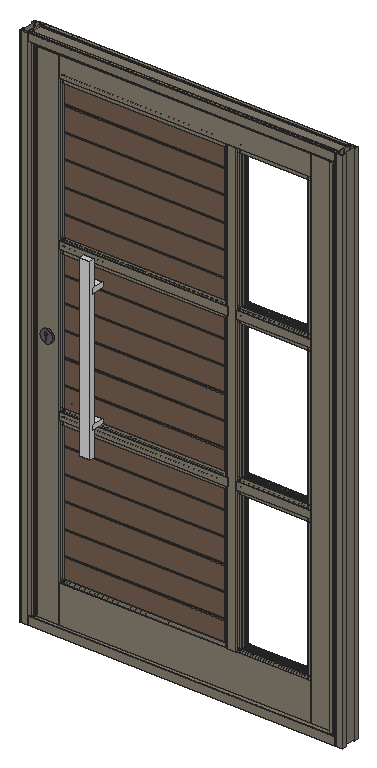
Revit family "Y1321P Y6 BZ K RH", category Doors, host Wall, Revit 2024
Family settings
  Host = Wall
  OmniClass Number = 23.30.10.00
  OmniClass Title = Doors
  Always vertical = Yes
  Cut with Voids When Loaded = No
  Shared = No
  Room Calculation Point = No
Parameters
  Function = Interior
  Frame Projection Ext. = 25 mm
  Frame Projection Int. = 25 mm
  Frame Width = 75 mm
  Height = 2120 mm
  Wall Closure = By host
  Width = 1290 mm
  Analytic Construction = "<None>"
Reference planes
  plane 1: y = 0
  plane 2 "Center (Left/Right)": x = 0
  plane 3 "Left": x = -645
  plane 4 "Right": x = 645
  plane 5: z = 2120
  plane 6 "Exterior": y = 75
  plane 7 "Interior": y = -75
Forms (mm)
  Sweep 1, solid, material "BRONZE ALUMINIUM MANUAL"
    path origin (0, 75, 0) x (1, 0, 0) y (0, 0, 1)
      loop
        line (-601.2, 30) -> (-601.2, 2075) -> (600, 2075) -> (600, 30)
    profile origin (-0.6, 75, 2075) x (0, 0, 1) y (0, -1, 0)
      loop
        line (15, 55) -> (2.8, 55) -> (2.8, 61.5) -> (0.5, 61.5) -> (0.5, 88.5) -> (2.8, 88.5) -> (2.8, 95) -> (15, 95) -> (15, 97) -> (-0.5, 97)
        arc (-0.5, 97) -> (-1.207, 96.707) -> (-1.5, 96) r 1
        line (-1.5, 96) -> (-1.5, 93.9) -> (-0.5, 93.9) -> (-0.5, 95) -> (1, 95) -> (1, 90.5) -> (-0.5, 90.5) -> (-0.5, 91.631) -> (-1.5, 91.631) -> (-1.5, 58.369) -> (-0.5, 58.369) -> (-0.5, 59.5) -> (1, 59.5) -> (1, 55) -> (-0.5, 55) -> (-0.5, 56.1) -> (-1.5, 56.1) -> (-1.5, 54)
        arc (-1.5, 54) -> (-1.207, 53.293) -> (-0.5, 53) r 1
        line (-0.5, 53) -> (15, 53) -> (15, 55)
  Extrusion 2, solid, material "BRONZE ALUMINIUM MANUAL"
    sketch origin (0, 0, 0) x (0, 1, 0) y (0, 0, 1)
      loop
        line (37.5, 2120) -> (22, 2120) -> (22, 2118.5) -> (24.5, 2118.5) -> (24.5, 2115.5) -> (-24.5, 2115.5) -> (-24.5, 2118.5) -> (-22, 2118.5) -> (-22, 2120) -> (-37.5, 2120) -> (-37.5, 2090) -> (-4.189, 2090) -> (7.651, 2090) -> (37.5, 2090) -> (37.5, 2120)
      loop
        line (32.168, 2118.2) -> (30.896, 2116.928) -> (29.5, 2118.324) -> (28, 2116.824) -> (26.3, 2118.524) -> (26.3, 2115.8)
        arc (26.3, 2115.8) -> (25.685, 2114.315) -> (24.2, 2113.7) r 2.1
        line (24.2, 2113.7) -> (-24.2, 2113.7)
        arc (-24.2, 2113.7) -> (-25.685, 2114.315) -> (-26.3, 2115.8) r 2.1
        line (-26.3, 2115.8) -> (-26.3, 2118.524) -> (-28, 2116.824) -> (-29.5, 2118.324) -> (-30.896, 2116.928) -> (-32.168, 2118.2) -> (-35.6, 2118.2) -> (-35.6, 2091.8) -> (-32.168, 2091.8) -> (-30.896, 2093.072) -> (-29.5, 2091.676) -> (-28, 2093.176) -> (-26.624, 2091.8) -> (-19.438, 2091.8) -> (26.624, 2091.8) -> (28, 2093.176) -> (29.5, 2091.676) -> (30.896, 2093.072) -> (32.168, 2091.8) -> (35.6, 2091.8) -> (35.6, 2118.2) -> (32.168, 2118.2)
      loop
        line (37.5, 0) -> (37.5, 30) -> (7.651, 30) -> (-4.189, 30) -> (-37.5, 30) -> (-37.5, 0) -> (-22, 0) -> (-22, 1.5) -> (-24.5, 1.5) -> (-24.5, 4.5) -> (24.5, 4.5) -> (24.5, 1.5) -> (22, 1.5) -> (22, 0) -> (37.5, 0)
      loop
        line (32.168, 1.8) -> (35.6, 1.8) -> (35.6, 28.2) -> (32.168, 28.2) -> (30.896, 26.928) -> (29.5, 28.324) -> (28, 26.824) -> (26.624, 28.2) -> (-19.438, 28.2) -> (-26.624, 28.2) -> (-28, 26.824) -> (-29.5, 28.324) -> (-30.896, 26.928) -> (-32.168, 28.2) -> (-35.6, 28.2) -> (-35.6, 1.8) -> (-32.168, 1.8) -> (-30.896, 3.072) -> (-29.5, 1.676) -> (-28, 3.176) -> (-26.3, 1.476) -> (-26.3, 4.2)
        arc (-26.3, 4.2) -> (-25.685, 5.685) -> (-24.2, 6.3) r 2.1
        line (-24.2, 6.3) -> (24.2, 6.3)
        arc (24.2, 6.3) -> (25.685, 5.685) -> (26.3, 4.2) r 2.1
        line (26.3, 4.2) -> (26.3, 1.476) -> (28, 3.176) -> (29.5, 1.676) -> (30.896, 3.072) -> (32.168, 1.8)
    from -615 to 615
  Extrusion 3, solid, material "BRONZE ALUMINIUM MANUAL"
    sketch origin (0, 0, 30) x (1, 0, 0) y (0, 1, 0)
      loop
        arc (598.5, 21) -> (597.5, 22) -> (596.5, 21) r 1
        line (596.5, 21) -> (596.5, -21.179)
        arc (596.5, -21.179) -> (596.26, -21.76) -> (595.679, -22) r 0.821
        line (595.679, -22) -> (584.5, -22)
        arc (584.5, -22) -> (583.5, -23) -> (584.5, -24) r 1
        line (584.5, -24) -> (597.679, -24)
        arc (597.679, -24) -> (598.26, -23.76) -> (598.5, -23.179) r 0.821
        line (598.5, -23.179) -> (598.5, 21)
      loop
        arc (-599.7, -21) -> (-598.7, -22) -> (-597.7, -21) r 1
        line (-597.7, -21) -> (-597.7, 21.179)
        arc (-597.7, 21.179) -> (-597.459, 21.76) -> (-596.879, 22) r 0.821
        line (-596.879, 22) -> (-585.7, 22)
        arc (-585.7, 22) -> (-584.7, 23) -> (-585.7, 24) r 1
        line (-585.7, 24) -> (-598.879, 24)
        arc (-598.879, 24) -> (-599.459, 23.76) -> (-599.7, 23.179) r 0.821
        line (-599.7, 23.179) -> (-599.7, -21)
    from 0 to 2043.5
  Extrusion 4, solid, material "BRONZE ALUMINIUM MANUAL"
    sketch origin (0, 0, 0) x (1, 0, 0) y (0, 1, 0)
      loop
        line (-645, 37.5) -> (-645, 22) -> (-643.5, 22) -> (-643.5, 24.5) -> (-640.5, 24.5) -> (-640.5, -24.5) -> (-643.5, -24.5) -> (-643.5, -22) -> (-645, -22) -> (-645, -37.5) -> (-615, -37.5) -> (-615, -17) -> (-615.993, -17) -> (-616.394, -18.496) -> (-617.6, -18.496) -> (-617.6, -0.254) -> (-616.306, -0.254) -> (-616.066, -3) -> (-615, -3) -> (-615, 37.5) -> (-645, 37.5)
      loop
        line (-616.8, 26.624) -> (-618.176, 28) -> (-616.676, 29.5) -> (-618.072, 30.896) -> (-616.8, 32.168) -> (-616.8, 35.6) -> (-643.2, 35.6) -> (-643.2, 32.168) -> (-641.928, 30.896) -> (-643.324, 29.5) -> (-641.824, 28) -> (-643.524, 26.3) -> (-640.8, 26.3)
        arc (-640.8, 26.3) -> (-639.315, 25.685) -> (-638.7, 24.2) r 2.1
        line (-638.7, 24.2) -> (-638.7, -24.2)
        arc (-638.7, -24.2) -> (-639.315, -25.685) -> (-640.8, -26.3) r 2.1
        line (-640.8, -26.3) -> (-643.524, -26.3) -> (-641.824, -28) -> (-643.324, -29.5) -> (-641.928, -30.896) -> (-643.2, -32.168) -> (-643.2, -35.6) -> (-616.8, -35.6) -> (-616.8, -32.168) -> (-618.072, -30.896) -> (-616.676, -29.5) -> (-618.176, -28) -> (-616.8, -26.624) -> (-616.8, -20.239)
        arc (-616.8, -20.239) -> (-618.596, -19.852) -> (-619.4, -18.2) r 2.1
        line (-619.4, -18.2) -> (-619.4, -0.55)
        arc (-619.4, -0.55) -> (-618.596, 1.102) -> (-616.8, 1.49) r 2.1
        line (-616.8, 1.49) -> (-616.8, 26.624)
      loop
        line (645, 37.5) -> (615, 37.5) -> (615, -3) -> (616.066, -3) -> (616.306, -0.254) -> (617.6, -0.254) -> (617.6, -18.496) -> (616.394, -18.496) -> (615.993, -17) -> (615, -17) -> (615, -37.5) -> (645, -37.5) -> (645, -22) -> (643.5, -22) -> (643.5, -24.5) -> (640.5, -24.5) -> (640.5, 24.5) -> (643.5, 24.5) -> (643.5, 22) -> (645, 22) -> (645, 37.5)
      loop
        line (616.8, 26.624) -> (616.8, 1.49)
        arc (616.8, 1.49) -> (618.596, 1.102) -> (619.4, -0.55) r 2.1
        line (619.4, -0.55) -> (619.4, -18.2)
        arc (619.4, -18.2) -> (618.596, -19.852) -> (616.8, -20.239) r 2.1
        line (616.8, -20.239) -> (616.8, -26.624) -> (618.176, -28) -> (616.676, -29.5) -> (618.072, -30.896) -> (616.8, -32.168) -> (616.8, -35.6) -> (643.2, -35.6) -> (643.2, -32.168) -> (641.928, -30.896) -> (643.324, -29.5) -> (641.824, -28) -> (643.524, -26.3) -> (640.8, -26.3)
        arc (640.8, -26.3) -> (639.315, -25.685) -> (638.7, -24.2) r 2.1
        line (638.7, -24.2) -> (638.7, 24.2)
        arc (638.7, 24.2) -> (639.315, 25.685) -> (640.8, 26.3) r 2.1
        line (640.8, 26.3) -> (643.524, 26.3) -> (641.824, 28) -> (643.324, 29.5) -> (641.928, 30.896) -> (643.2, 32.168) -> (643.2, 35.6) -> (616.8, 35.6) -> (616.8, 32.168) -> (618.072, 30.896) -> (616.676, 29.5) -> (618.176, 28) -> (616.8, 26.624)
    from 0 to 2120
  Extrusion 5, solid, material "BRONZE ALUMINIUM MANUAL"
    sketch origin (0, 0, -6.5) x (-1, 0, 0) y (0, -1, 0)
      loop
        line (503.5, -22) -> (591.7, -22)
        arc (591.7, -22) -> (592.973, -21.473) -> (593.5, -20.2) r 1.8
        line (593.5, -20.2) -> (593.5, -19.4)
        arc (593.5, -19.4) -> (593, -18.9) -> (592.5, -19.4) r 0.5
        line (592.5, -19.4) -> (592.5, -20.4) -> (591, -20.4) -> (591, -12.8) -> (592.5, -12.8) -> (592.5, -13.8)
        arc (592.5, -13.8) -> (593, -14.3) -> (593.5, -13.8) r 0.5
        line (593.5, -13.8) -> (593.5, 13.8)
        arc (593.5, 13.8) -> (593, 14.3) -> (592.5, 13.8) r 0.5
        line (592.5, 13.8) -> (592.5, 12.8) -> (591, 12.8) -> (591, 20.4) -> (592.5, 20.4) -> (592.5, 19.4)
        arc (592.5, 19.4) -> (593, 18.9) -> (593.5, 19.4) r 0.5
        line (593.5, 19.4) -> (593.5, 20.2)
        arc (593.5, 20.2) -> (592.973, 21.473) -> (591.7, 22) r 1.8
        line (591.7, 22) -> (503.5, 22) -> (503.5, 17) -> (488.5, 17) -> (488.5, 14) -> (489.7, 14) -> (489.7, 15.6) -> (492.2, 15.6) -> (492.893, 15.2) -> (503.5, 15.2) -> (503.5, 2) -> (504.475, 2) -> (504.737, 5) -> (506.1, 5) -> (506.1, -6.618) -> (506.1, -13.5) -> (504.606, -13.5) -> (504.475, -12) -> (503.5, -12) -> (503.5, -22)
      loop
        line (589.2, -20.2) -> (589.2, -12.2)
        arc (589.2, -12.2) -> (589.493, -11.493) -> (590.2, -11.2) r 1
        line (590.2, -11.2) -> (591.5, -11.2) -> (591.5, 11.2) -> (590.2, 11.2)
        arc (590.2, 11.2) -> (589.493, 11.493) -> (589.2, 12.2) r 1
        line (589.2, 12.2) -> (589.2, 20.2) -> (505.3, 20.2) -> (505.3, 17.092) -> (505.3, 6.8) -> (506.5, 6.8)
        arc (506.5, 6.8) -> (507.49, 6.39) -> (507.9, 5.4) r 1.4
        line (507.9, 5.4) -> (507.9, -13.9)
        arc (507.9, -13.9) -> (507.49, -14.89) -> (506.5, -15.3) r 1.4
        line (506.5, -15.3) -> (505.3, -15.3) -> (505.3, -20.2) -> (589.2, -20.2)
      loop
        line (-503.5, -22) -> (-503.5, -12) -> (-504.475, -12) -> (-504.606, -13.5) -> (-506.1, -13.5) -> (-506.1, -7.077) -> (-506.1, 5) -> (-504.737, 5) -> (-504.475, 2) -> (-503.5, 2) -> (-503.5, 15.2) -> (-492.893, 15.2) -> (-492.2, 15.6) -> (-489.7, 15.6) -> (-489.7, 14) -> (-488.5, 14) -> (-488.5, 17) -> (-503.5, 17) -> (-503.5, 22) -> (-591.7, 22)
        arc (-591.7, 22) -> (-592.973, 21.473) -> (-593.5, 20.2) r 1.8
        line (-593.5, 20.2) -> (-593.5, 19.4)
        arc (-593.5, 19.4) -> (-593, 18.9) -> (-592.5, 19.4) r 0.5
        line (-592.5, 19.4) -> (-592.5, 20.4) -> (-591, 20.4) -> (-591, 12.8) -> (-592.5, 12.8) -> (-592.5, 13.8)
        arc (-592.5, 13.8) -> (-593, 14.3) -> (-593.5, 13.8) r 0.5
        line (-593.5, 13.8) -> (-593.5, -13.8)
        arc (-593.5, -13.8) -> (-593, -14.3) -> (-592.5, -13.8) r 0.5
        line (-592.5, -13.8) -> (-592.5, -12.8) -> (-591, -12.8) -> (-591, -20.4) -> (-592.5, -20.4) -> (-592.5, -19.4)
        arc (-592.5, -19.4) -> (-593, -18.9) -> (-593.5, -19.4) r 0.5
        line (-593.5, -19.4) -> (-593.5, -20.2)
        arc (-593.5, -20.2) -> (-592.973, -21.473) -> (-591.7, -22) r 1.8
        line (-591.7, -22) -> (-503.5, -22)
      loop
        line (-589.2, -20.2) -> (-505.3, -20.2) -> (-505.3, -15.3) -> (-506.5, -15.3)
        arc (-506.5, -15.3) -> (-507.49, -14.89) -> (-507.9, -13.9) r 1.4
        line (-507.9, -13.9) -> (-507.9, 5.4)
        arc (-507.9, 5.4) -> (-507.49, 6.39) -> (-506.5, 6.8) r 1.4
        line (-506.5, 6.8) -> (-505.3, 6.8) -> (-505.3, 17.092) -> (-505.3, 20.2) -> (-589.2, 20.2) -> (-589.2, 12.2)
        arc (-589.2, 12.2) -> (-589.493, 11.493) -> (-590.2, 11.2) r 1
        line (-590.2, 11.2) -> (-591.5, 11.2) -> (-591.5, -11.2) -> (-590.2, -11.2)
        arc (-590.2, -11.2) -> (-589.493, -11.493) -> (-589.2, -12.2) r 1
        line (-589.2, -12.2) -> (-589.2, -20.2)
    from 40 to 2080
  Sweep 6, solid, material "BRONZE ALUMINIUM MANUAL"
    path origin (0, 75, -6.5) x (-1, 0, 0) y (0, 0, -1)
      loop
        line (503.5, -1996.1) -> (503.5, -1413.6) -> (-173.5, -1413.6) -> (-173.5, -1996.1) -> (503.5, -1996.1)
    profile origin (-165, 75, 1989.6) x (0, 0, 1) y (0, -1, 0)
      loop
        line (0, 53.6) -> (0, 63) -> (1.1, 63)
        arc (1.1, 63) -> (1.85, 62.492) -> (2.6, 63) r 0.808
        line (2.6, 63) -> (2.6, 79)
        arc (2.6, 79) -> (2.1, 79.5) -> (1.6, 79) r 0.5
        line (1.6, 79) -> (1.6, 75.5) -> (0.6, 75.5) -> (0.6, 65) -> (-1.9, 65) -> (-1.9, 55) -> (-6.3, 55) -> (-6.9, 58) -> (-8.9, 58) -> (-8.9, 57) -> (-7.9, 57) -> (-7.5, 55) -> (-11.8, 55) -> (-11.4, 57) -> (-10.4, 57) -> (-10.4, 58) -> (-12.4, 58) -> (-13, 55) -> (-14.4, 55) -> (-14.4, 57.5)
        arc (-14.4, 57.5) -> (-14.9, 58) -> (-15.4, 57.5) r 0.5
        line (-15.4, 57.5) -> (-15.4, 53.6)
        arc (-15.4, 53.6) -> (-15.224, 53.176) -> (-14.8, 53) r 0.6
        line (-14.8, 53) -> (-0.6, 53)
        arc (-0.6, 53) -> (-0.176, 53.176) -> (0, 53.6) r 0.6
  Extrusion 7, solid, material "ALUMINIUM BLACK (TEST)"
    sketch origin (350.722, 27.873, -83.123) x (1, 0, 0) y (0, 0, 1)
      loop
        circle (-896.954, 1135.623) r 25
    from 0 to 5
  Extrusion 8, solid, material "ALUMINIUM BLACK (TEST)"
    sketch origin (350.722, -27.873, -83.123) x (1, 0, 0) y (0, 0, -1)
      loop
        circle (-896.954, -1135.623) r 25
    from 0 to 5
  Extrusion 9, void
    sketch origin (85.5, 67.873, -83.123) x (1, 0, 0) y (0, 0, 1)
      loop
        arc (-634.732, 1122.18) -> (-631.732, 1119.18) -> (-628.732, 1122.18) r 3
        line (-628.732, 1122.18) -> (-628.732, 1136.773)
        arc (-628.732, 1136.773) -> (-631.732, 1150.865) -> (-634.732, 1136.773) r 7.365
        line (-634.732, 1136.773) -> (-634.732, 1122.18)
    from 40 to 45
  Extrusion 10, void
    sketch origin (85.5, -67.873, -83.123) x (1, 0, 0) y (0, 0, -1)
      loop
        line (-634.732, -1122.18) -> (-634.732, -1136.773)
        arc (-634.732, -1136.773) -> (-631.732, -1150.865) -> (-628.732, -1136.773) r 7.365
        line (-628.732, -1136.773) -> (-628.732, -1122.18)
        arc (-628.732, -1122.18) -> (-631.732, -1119.18) -> (-634.732, -1122.18) r 3
    from 40 to 45
  Extrusion 11, solid, material "COOL BRONZE GLASS"
    sketch origin (0, 9.8, -6.5) x (-1, 0, 0) y (0, 0, -1)
      loop
        line (-203.5, -1995) -> (-203.5, -1413.6) -> (-503.5, -1413.6) -> (-503.5, -1995) -> (-203.5, -1995)
    from 0 to 6.4
  Extrusion 12, solid, material "BRONZE ALUMINIUM MANUAL"
    sketch origin (0, 0, -6.5) x (0, 1, 0) y (0, 0, -1)
      loop
        line (20.25, -77.453) -> (19.7, -76.5) -> (19.7, -73.5) -> (20.25, -72.547) -> (20.25, -61.8) -> (-20.25, -61.8) -> (-20.25, -72.547) -> (-19.7, -73.5) -> (-19.7, -76.5) -> (-20.25, -77.453) -> (-20.25, -172.747) -> (-19.7, -173.7) -> (-19.7, -176.7) -> (-20.25, -177.653) -> (-20.25, -188.2) -> (-6.55, -188.2) -> (-6.55, -185.6) -> (15.3, -185.6) -> (15.3, -188.2) -> (20.25, -188.2) -> (20.25, -177.653) -> (19.7, -176.7) -> (19.7, -173.7) -> (20.25, -172.747) -> (20.25, -77.453)
      loop
        line (19.7, -60) -> (-19.7, -60) -> (-19.7, -57) -> (-20.25, -56.047) -> (-20.25, -43.6) -> (-17.1, -43.6) -> (-17.1, -42) -> (-20.2, -42) -> (-20.2, -40) -> (-22, -40) -> (-22, -190) -> (-17, -190) -> (-17, -205) -> (-14, -205) -> (-14, -203.8) -> (-15.6, -203.8) -> (-15.6, -201.3) -> (-15.2, -200.607) -> (-15.2, -190) -> (-2, -190) -> (-2, -188.934) -> (-4.75, -188.693) -> (-4.75, -187.4) -> (13.5, -187.4) -> (13.5, -188.605) -> (12, -189.007) -> (12, -190) -> (22, -190) -> (22, -40) -> (20.2, -40) -> (20.2, -42) -> (17.1, -42) -> (17.1, -43.6) -> (20.25, -43.6) -> (20.25, -56.047) -> (19.7, -57) -> (19.7, -60)
      loop
        line (-22, -2080) -> (-20.2, -2080) -> (-20.2, -2078) -> (-17.1, -2078) -> (-17.1, -2076.4) -> (-20.25, -2076.4) -> (-20.25, -2063.953) -> (-19.7, -2063) -> (-19.7, -2060) -> (19.7, -2060) -> (19.7, -2063) -> (20.25, -2063.953) -> (20.25, -2076.4) -> (17.1, -2076.4) -> (17.1, -2078) -> (20.2, -2078) -> (20.2, -2080) -> (22, -2080) -> (22, -1995) -> (12, -1995) -> (12, -1995.993) -> (13.5, -1996.395) -> (13.5, -1997.6) -> (-4.75, -1997.6) -> (-4.75, -1996.307) -> (-2, -1996.066) -> (-2, -1995) -> (-15.2, -1995) -> (-15.2, -1984.393) -> (-15.6, -1983.7) -> (-15.6, -1981.2) -> (-14, -1981.2) -> (-14, -1980) -> (-17, -1980) -> (-17, -1995) -> (-22, -1995) -> (-22, -2080)
      loop
        line (-20.25, -2042.547) -> (-19.7, -2043.5) -> (-19.7, -2046.5) -> (-20.25, -2047.453) -> (-20.25, -2058.2) -> (20.25, -2058.2) -> (20.25, -2047.453) -> (19.7, -2046.5) -> (19.7, -2043.5) -> (20.25, -2042.547) -> (20.25, -2012.253) -> (19.7, -2011.3) -> (19.7, -2008.3) -> (20.25, -2007.347) -> (20.25, -1996.8) -> (15.3, -1996.8) -> (15.3, -1999.4) -> (-6.55, -1999.4) -> (-6.55, -1996.8) -> (-20.25, -1996.8) -> (-20.25, -2007.347) -> (-19.7, -2008.3) -> (-19.7, -2011.3) -> (-20.25, -2012.253) -> (-20.25, -2042.547)
    from -503.5 to 503.5
  Extrusion 13, solid, material "Stainless Steel Lever Handle"
    sketch origin (503.242, -71.398, 705) x (1, 0, 0) y (0, 1, 0)
      loop
        line (-878.538, 126.398) -> (-838.538, 126.398) -> (-838.538, 146.398) -> (-878.538, 146.398) -> (-878.538, 126.398)
    from 0 to 710
  Extrusion 14, solid, material "Stainless Steel Lever Handle"
    sketch origin (503.242, 60, -375) x (1, 0, 0) y (0, 0, 1)
      loop
        line (-878.538, 1690) -> (-878.538, 1670) -> (-838.538, 1670) -> (-838.538, 1690) -> (-878.538, 1690)
      loop
        line (-878.538, 1180) -> (-838.538, 1180) -> (-838.538, 1200) -> (-878.538, 1200) -> (-878.538, 1180)
    from 0 to 50
  Extrusion 15, solid, material "Stainless Steel Lever Handle"
    sketch origin (503.242, 69.398, 705) x (1, 0, 0) y (0, 1, 0)
      loop
        line (-878.538, -126.398) -> (-878.538, -146.398) -> (-838.538, -146.398) -> (-838.538, -126.398) -> (-878.538, -126.398)
    from 0 to 710
  Extrusion 16, solid, material "Stainless Steel Lever Handle"
    sketch origin (503.242, -62, -375) x (1, 0, 0) y (0, 0, -1)
      loop
        line (-878.538, -1690) -> (-838.538, -1690) -> (-838.538, -1670) -> (-878.538, -1670) -> (-878.538, -1690)
      loop
        line (-878.538, -1180) -> (-878.538, -1200) -> (-838.538, -1200) -> (-838.538, -1180) -> (-878.538, -1180)
    from 0 to 50
  Extrusion 17, solid, material "BRONZE ALUMINIUM MANUAL"
    sketch origin (-3062.501, 0, -4084.533) x (0, -1, 0) y (0, 0, 1)
      loop
        line (22, 5461.633) -> (22, 5491.633) -> (17, 5491.633) -> (17, 5506.633) -> (14, 5506.633) -> (14, 5505.433) -> (15.6, 5505.433) -> (15.6, 5502.933) -> (15.2, 5502.241) -> (15.2, 5491.633) -> (2, 5491.633) -> (2, 5490.658) -> (5, 5490.396) -> (5, 5489.033) -> (-13.5, 5489.033) -> (-13.5, 5490.527) -> (-12, 5490.658) -> (-12, 5491.633) -> (-22, 5491.633) -> (-22, 5461.633) -> (-12, 5461.633) -> (-12, 5462.608) -> (-13.5, 5462.739) -> (-13.5, 5464.233) -> (5, 5464.233) -> (5, 5462.871) -> (2, 5462.608) -> (2, 5461.633) -> (15.2, 5461.633) -> (15.2, 5450.733) -> (15.6, 5450.041) -> (15.6, 5447.833) -> (14, 5447.833) -> (14, 5446.633) -> (17, 5446.633) -> (17, 5461.633) -> (22, 5461.633)
      loop
        line (20.2, 5489.833) -> (6.8, 5489.833) -> (6.8, 5488.633)
        arc (6.8, 5488.633) -> (6.39, 5487.643) -> (5.4, 5487.233) r 1.4
        line (5.4, 5487.233) -> (-13.9, 5487.233)
        arc (-13.9, 5487.233) -> (-14.89, 5487.643) -> (-15.3, 5488.633) r 1.4
        line (-15.3, 5488.633) -> (-15.3, 5489.833) -> (-20.2, 5489.833) -> (-20.2, 5463.433) -> (-15.3, 5463.433) -> (-15.3, 5464.633)
        arc (-15.3, 5464.633) -> (-14.89, 5465.623) -> (-13.9, 5466.033) r 1.4
        line (-13.9, 5466.033) -> (5.4, 5466.033)
        arc (5.4, 5466.033) -> (6.39, 5465.623) -> (6.8, 5464.633) r 1.4
        line (6.8, 5464.633) -> (6.8, 5463.433) -> (16.581, 5463.433) -> (20.2, 5463.433) -> (20.2, 5489.833)
      loop
        line (22, 4849.433) -> (22, 4879.433) -> (17, 4879.433) -> (17, 4894.433) -> (14, 4894.433) -> (14, 4893.233) -> (15.6, 4893.233) -> (15.6, 4890.733) -> (15.2, 4890.041) -> (15.2, 4879.433) -> (2, 4879.433) -> (2, 4878.458) -> (5, 4878.196) -> (5, 4876.833) -> (-13.5, 4876.833) -> (-13.5, 4878.327) -> (-12, 4878.458) -> (-12, 4879.433) -> (-22, 4879.433) -> (-22, 4849.433) -> (-12, 4849.433) -> (-12, 4850.408) -> (-13.5, 4850.539) -> (-13.5, 4852.033) -> (5, 4852.033) -> (5, 4850.671) -> (2, 4850.408) -> (2, 4849.433) -> (15.2, 4849.433) -> (15.2, 4838.533) -> (15.6, 4837.841) -> (15.6, 4835.633) -> (14, 4835.633) -> (14, 4834.433) -> (17, 4834.433) -> (17, 4849.433) -> (22, 4849.433)
      loop
        line (20.2, 4877.633) -> (6.8, 4877.633) -> (6.8, 4876.433)
        arc (6.8, 4876.433) -> (6.39, 4875.443) -> (5.4, 4875.033) r 1.4
        line (5.4, 4875.033) -> (-13.9, 4875.033)
        arc (-13.9, 4875.033) -> (-14.89, 4875.443) -> (-15.3, 4876.433) r 1.4
        line (-15.3, 4876.433) -> (-15.3, 4877.633) -> (-20.2, 4877.633) -> (-20.2, 4851.233) -> (-15.3, 4851.233) -> (-15.3, 4852.433)
        arc (-15.3, 4852.433) -> (-14.89, 4853.423) -> (-13.9, 4853.833) r 1.4
        line (-13.9, 4853.833) -> (5.4, 4853.833)
        arc (5.4, 4853.833) -> (6.39, 4853.423) -> (6.8, 4852.433) r 1.4
        line (6.8, 4852.433) -> (6.8, 4851.233) -> (16.581, 4851.233) -> (20.2, 4851.233) -> (20.2, 4877.633)
    from -3566.001 to -3266.001
  Extrusion 18, solid, material "BRONZE ALUMINIUM MANUAL"
    sketch origin (-3392.509, 0, -4084.533) x (0, -1, 0) y (0, 0, 1)
      loop
        line (22, 5461.633) -> (22, 5491.633) -> (17, 5491.633) -> (17, 5506.633) -> (14, 5506.633) -> (14, 5505.433) -> (15.6, 5505.433) -> (15.6, 5502.933) -> (15.2, 5502.241) -> (15.2, 5491.633) -> (2, 5491.633) -> (2, 5490.658) -> (5, 5490.396) -> (5, 5489.033) -> (-13.5, 5489.033) -> (-13.5, 5490.527) -> (-12, 5490.658) -> (-12, 5491.633) -> (-22, 5491.633) -> (-22, 5461.633) -> (-12, 5461.633) -> (-12, 5462.608) -> (-13.5, 5462.739) -> (-13.5, 5464.233) -> (5, 5464.233) -> (5, 5462.871) -> (2, 5462.608) -> (2, 5461.633) -> (15.2, 5461.633) -> (15.2, 5450.733) -> (15.6, 5450.041) -> (15.6, 5447.833) -> (14, 5447.833) -> (14, 5446.633) -> (17, 5446.633) -> (17, 5461.633) -> (22, 5461.633)
      loop
        line (20.2, 5489.833) -> (6.8, 5489.833) -> (6.8, 5488.633)
        arc (6.8, 5488.633) -> (6.39, 5487.643) -> (5.4, 5487.233) r 1.4
        line (5.4, 5487.233) -> (-13.9, 5487.233)
        arc (-13.9, 5487.233) -> (-14.89, 5487.643) -> (-15.3, 5488.633) r 1.4
        line (-15.3, 5488.633) -> (-15.3, 5489.833) -> (-20.2, 5489.833) -> (-20.2, 5463.433) -> (-15.3, 5463.433) -> (-15.3, 5464.633)
        arc (-15.3, 5464.633) -> (-14.89, 5465.623) -> (-13.9, 5466.033) r 1.4
        line (-13.9, 5466.033) -> (5.4, 5466.033)
        arc (5.4, 5466.033) -> (6.39, 5465.623) -> (6.8, 5464.633) r 1.4
        line (6.8, 5464.633) -> (6.8, 5463.433) -> (16.581, 5463.433) -> (20.2, 5463.433) -> (20.2, 5489.833)
      loop
        line (22, 4849.433) -> (22, 4879.433) -> (17, 4879.433) -> (17, 4894.433) -> (14, 4894.433) -> (14, 4893.233) -> (15.6, 4893.233) -> (15.6, 4890.733) -> (15.2, 4890.041) -> (15.2, 4879.433) -> (2, 4879.433) -> (2, 4878.458) -> (5, 4878.196) -> (5, 4876.833) -> (-13.5, 4876.833) -> (-13.5, 4878.327) -> (-12, 4878.458) -> (-12, 4879.433) -> (-22, 4879.433) -> (-22, 4849.433) -> (-12, 4849.433) -> (-12, 4850.408) -> (-13.5, 4850.539) -> (-13.5, 4852.033) -> (5, 4852.033) -> (5, 4850.671) -> (2, 4850.408) -> (2, 4849.433) -> (15.2, 4849.433) -> (15.2, 4838.533) -> (15.6, 4837.841) -> (15.6, 4835.633) -> (14, 4835.633) -> (14, 4834.433) -> (17, 4834.433) -> (17, 4849.433) -> (22, 4849.433)
      loop
        line (20.2, 4877.633) -> (6.8, 4877.633) -> (6.8, 4876.433)
        arc (6.8, 4876.433) -> (6.39, 4875.443) -> (5.4, 4875.033) r 1.4
        line (5.4, 4875.033) -> (-13.9, 4875.033)
        arc (-13.9, 4875.033) -> (-14.89, 4875.443) -> (-15.3, 4876.433) r 1.4
        line (-15.3, 4876.433) -> (-15.3, 4877.633) -> (-20.2, 4877.633) -> (-20.2, 4851.233) -> (-15.3, 4851.233) -> (-15.3, 4852.433)
        arc (-15.3, 4852.433) -> (-14.89, 4853.423) -> (-13.9, 4853.833) r 1.4
        line (-13.9, 4853.833) -> (5.4, 4853.833)
        arc (5.4, 4853.833) -> (6.39, 4853.423) -> (6.8, 4852.433) r 1.4
        line (6.8, 4852.433) -> (6.8, 4851.233) -> (16.581, 4851.233) -> (20.2, 4851.233) -> (20.2, 4877.633)
    from -3566.001 to -2889.009
  Extrusion 19, solid, material "BRONZE ALUMINIUM MANUAL"
    sketch origin (-4903.533, 0, 3177.001) x (0, -1, 0) y (1, 0, 0)
      loop
        line (22, 5077.033) -> (22, 5107.033) -> (17, 5107.033) -> (17, 5122.033) -> (14, 5122.033) -> (14, 5120.833) -> (15.6, 5120.833) -> (15.6, 5118.333) -> (15.2, 5117.641) -> (15.2, 5107.033) -> (2, 5107.033) -> (2, 5106.058) -> (5, 5105.796) -> (5, 5104.433) -> (-13.5, 5104.433) -> (-13.5, 5105.927) -> (-12, 5106.058) -> (-12, 5107.033) -> (-22, 5107.033) -> (-22, 5077.033) -> (-12, 5077.033) -> (-12, 5078.008) -> (-13.5, 5078.139) -> (-13.5, 5079.633) -> (5, 5079.633) -> (5, 5078.271) -> (2, 5078.008) -> (2, 5077.033) -> (15.2, 5077.033) -> (15.2, 5066.133) -> (15.6, 5065.441) -> (15.6, 5063.233) -> (14, 5063.233) -> (14, 5062.033) -> (17, 5062.033) -> (17, 5077.033) -> (22, 5077.033)
      loop
        line (20.2, 5105.233) -> (6.8, 5105.233) -> (6.8, 5104.033)
        arc (6.8, 5104.033) -> (6.39, 5103.043) -> (5.4, 5102.633) r 1.4
        line (5.4, 5102.633) -> (-13.9, 5102.633)
        arc (-13.9, 5102.633) -> (-14.89, 5103.043) -> (-15.3, 5104.033) r 1.4
        line (-15.3, 5104.033) -> (-15.3, 5105.233) -> (-20.2, 5105.233) -> (-20.2, 5078.833) -> (-15.3, 5078.833) -> (-15.3, 5080.033)
        arc (-15.3, 5080.033) -> (-14.89, 5081.023) -> (-13.9, 5081.433) r 1.4
        line (-13.9, 5081.433) -> (5.4, 5081.433)
        arc (5.4, 5081.433) -> (6.39, 5081.023) -> (6.8, 5080.033) r 1.4
        line (6.8, 5080.033) -> (6.8, 5078.833) -> (16.581, 5078.833) -> (20.2, 5078.833) -> (20.2, 5105.233)
    from -2993.501 to -1188.501
  Extrusion 20, solid, material "COOL BRONZE GLASS"
    sketch origin (0, 9.8, -617.9) x (-1, 0, 0) y (0, 0, -1)
      loop
        line (-203.5, -1995) -> (-203.5, -1413.6) -> (-503.5, -1413.6) -> (-503.5, -1995) -> (-203.5, -1995)
    from 0 to 6.4
  Extrusion 21, solid, material "COOL BRONZE GLASS"
    sketch origin (0, 9.8, -1230.1) x (-1, 0, 0) y (0, 0, -1)
      loop
        line (-203.5, -1995) -> (-203.5, -1413.6) -> (-503.5, -1413.6) -> (-503.5, -1995) -> (-203.5, -1995)
    from 0 to 6.4
  Extrusion 22, solid, material "KIAAT (TEST 1)"
    sketch origin (0, 114.915, 1217.1) x (0, 1, 0) y (0, 0, -1)
      loop
        line (-104.915, -280.4) -> (-104.915, -190) -> (-126.915, -190) -> (-126.915, -280.4) -> (-119.415, -280.4) -> (-119.415, -288.4) -> (-126.915, -288.4) -> (-126.915, -378.6) -> (-119.415, -378.6) -> (-119.415, -386.6) -> (-126.915, -386.6) -> (-126.915, -476.8) -> (-119.415, -476.8) -> (-119.415, -484.8) -> (-126.915, -484.8) -> (-126.915, -575) -> (-119.415, -575) -> (-119.415, -583) -> (-126.915, -583) -> (-126.915, -673.2) -> (-119.415, -673.2) -> (-119.415, -681.2) -> (-126.915, -681.2) -> (-126.915, -771.4) -> (-104.915, -771.4) -> (-104.915, -681.2) -> (-112.415, -681.2) -> (-112.415, -673.2) -> (-104.915, -673.2) -> (-104.915, -583) -> (-112.415, -583) -> (-112.415, -575) -> (-104.915, -575) -> (-104.915, -484.8) -> (-112.415, -484.8) -> (-112.415, -476.8) -> (-104.915, -476.8) -> (-104.915, -386.6) -> (-112.415, -386.6) -> (-112.415, -378.6) -> (-104.915, -378.6) -> (-104.915, -288.4) -> (-112.415, -288.4) -> (-112.415, -280.4) -> (-104.915, -280.4)
    from -173.5 to 503.5
  Extrusion 23, solid, material "KIAAT (TEST 1)"
    sketch origin (0, 114.915, 605.7) x (0, 1, 0) y (0, 0, -1)
      loop
        line (-104.915, -280.4) -> (-104.915, -190) -> (-126.915, -190) -> (-126.915, -280.4) -> (-119.415, -280.4) -> (-119.415, -288.4) -> (-126.915, -288.4) -> (-126.915, -378.6) -> (-119.415, -378.6) -> (-119.415, -386.6) -> (-126.915, -386.6) -> (-126.915, -476.8) -> (-119.415, -476.8) -> (-119.415, -484.8) -> (-126.915, -484.8) -> (-126.915, -575) -> (-119.415, -575) -> (-119.415, -583) -> (-126.915, -583) -> (-126.915, -673.2) -> (-119.415, -673.2) -> (-119.415, -681.2) -> (-126.915, -681.2) -> (-126.915, -771.4) -> (-104.915, -771.4) -> (-104.915, -681.2) -> (-112.415, -681.2) -> (-112.415, -673.2) -> (-104.915, -673.2) -> (-104.915, -583) -> (-112.415, -583) -> (-112.415, -575) -> (-104.915, -575) -> (-104.915, -484.8) -> (-112.415, -484.8) -> (-112.415, -476.8) -> (-104.915, -476.8) -> (-104.915, -386.6) -> (-112.415, -386.6) -> (-112.415, -378.6) -> (-104.915, -378.6) -> (-104.915, -288.4) -> (-112.415, -288.4) -> (-112.415, -280.4) -> (-104.915, -280.4)
    from -173.5 to 503.5
  Extrusion 24, solid, material "KIAAT (TEST 1)"
    sketch origin (0, 114.915, -6.5) x (0, 1, 0) y (0, 0, -1)
      loop
        line (-104.915, -280.4) -> (-104.915, -190) -> (-126.915, -190) -> (-126.915, -280.4) -> (-119.415, -280.4) -> (-119.415, -288.4) -> (-126.915, -288.4) -> (-126.915, -378.6) -> (-119.415, -378.6) -> (-119.415, -386.6) -> (-126.915, -386.6) -> (-126.915, -476.8) -> (-119.415, -476.8) -> (-119.415, -484.8) -> (-126.915, -484.8) -> (-126.915, -575) -> (-119.415, -575) -> (-119.415, -583) -> (-126.915, -583) -> (-126.915, -673.2) -> (-119.415, -673.2) -> (-119.415, -681.2) -> (-126.915, -681.2) -> (-126.915, -771.4) -> (-104.915, -771.4) -> (-104.915, -681.2) -> (-112.415, -681.2) -> (-112.415, -673.2) -> (-104.915, -673.2) -> (-104.915, -583) -> (-112.415, -583) -> (-112.415, -575) -> (-104.915, -575) -> (-104.915, -484.8) -> (-112.415, -484.8) -> (-112.415, -476.8) -> (-104.915, -476.8) -> (-104.915, -386.6) -> (-112.415, -386.6) -> (-112.415, -378.6) -> (-104.915, -378.6) -> (-104.915, -288.4) -> (-112.415, -288.4) -> (-112.415, -280.4) -> (-104.915, -280.4)
    from -173.5 to 503.5
  Sweep 25, solid, material "BRONZE ALUMINIUM MANUAL"
    path origin (0, 75, -617.9) x (-1, 0, 0) y (0, 0, -1)
      loop
        line (503.5, -1995) -> (503.5, -1412.8) -> (-173.5, -1412.8) -> (-173.5, -1995) -> (503.5, -1995)
    profile origin (-165, 75, 1377.1) x (0, 0, 1) y (0, -1, 0)
      loop
        line (0, 53.6) -> (0, 63) -> (1.1, 63)
        arc (1.1, 63) -> (1.85, 62.492) -> (2.6, 63) r 0.808
        line (2.6, 63) -> (2.6, 79)
        arc (2.6, 79) -> (2.1, 79.5) -> (1.6, 79) r 0.5
        line (1.6, 79) -> (1.6, 75.5) -> (0.6, 75.5) -> (0.6, 65) -> (-1.9, 65) -> (-1.9, 55) -> (-6.3, 55) -> (-6.9, 58) -> (-8.9, 58) -> (-8.9, 57) -> (-7.9, 57) -> (-7.5, 55) -> (-11.8, 55) -> (-11.4, 57) -> (-10.4, 57) -> (-10.4, 58) -> (-12.4, 58) -> (-13, 55) -> (-14.4, 55) -> (-14.4, 57.5)
        arc (-14.4, 57.5) -> (-14.9, 58) -> (-15.4, 57.5) r 0.5
        line (-15.4, 57.5) -> (-15.4, 53.6)
        arc (-15.4, 53.6) -> (-15.224, 53.176) -> (-14.8, 53) r 0.6
        line (-14.8, 53) -> (-0.6, 53)
        arc (-0.6, 53) -> (-0.176, 53.176) -> (0, 53.6) r 0.6
  Sweep 26, solid, material "BRONZE ALUMINIUM MANUAL"
    path origin (0, 75, -1230.1) x (-1, 0, 0) y (0, 0, -1)
      loop
        line (503.5, -1995) -> (503.5, -1413.6) -> (-173.5, -1413.6) -> (-173.5, -1995) -> (503.5, -1995)
    profile origin (-165, 75, 764.9) x (0, 0, 1) y (0, -1, 0)
      loop
        line (0, 53.6) -> (0, 63) -> (1.1, 63)
        arc (1.1, 63) -> (1.85, 62.492) -> (2.6, 63) r 0.808
        line (2.6, 63) -> (2.6, 79)
        arc (2.6, 79) -> (2.1, 79.5) -> (1.6, 79) r 0.5
        line (1.6, 79) -> (1.6, 75.5) -> (0.6, 75.5) -> (0.6, 65) -> (-1.9, 65) -> (-1.9, 55) -> (-6.3, 55) -> (-6.9, 58) -> (-8.9, 58) -> (-8.9, 57) -> (-7.9, 57) -> (-7.5, 55) -> (-11.8, 55) -> (-11.4, 57) -> (-10.4, 57) -> (-10.4, 58) -> (-12.4, 58) -> (-13, 55) -> (-14.4, 55) -> (-14.4, 57.5)
        arc (-14.4, 57.5) -> (-14.9, 58) -> (-15.4, 57.5) r 0.5
        line (-15.4, 57.5) -> (-15.4, 53.6)
        arc (-15.4, 53.6) -> (-15.224, 53.176) -> (-14.8, 53) r 0.6
        line (-14.8, 53) -> (-0.6, 53)
        arc (-0.6, 53) -> (-0.176, 53.176) -> (0, 53.6) r 0.6
  Sweep 27, solid, material "BRONZE ALUMINIUM MANUAL"
    path origin (330, 75, -6.5) x (-1, 0, 0) y (0, 0, -1)
      loop
        line (126.5, -1996.1) -> (126.5, -1413.6) -> (-173.5, -1413.6) -> (-173.5, -1996.1) -> (126.5, -1996.1)
    profile origin (353.5, 75, 1989.6) x (0, 0, 1) y (0, -1, 0)
      loop
        line (0, 53.6) -> (0, 63) -> (1.1, 63)
        arc (1.1, 63) -> (1.85, 62.492) -> (2.6, 63) r 0.808
        line (2.6, 63) -> (2.6, 79)
        arc (2.6, 79) -> (2.1, 79.5) -> (1.6, 79) r 0.5
        line (1.6, 79) -> (1.6, 75.5) -> (0.6, 75.5) -> (0.6, 65) -> (-1.9, 65) -> (-1.9, 55) -> (-6.3, 55) -> (-6.9, 58) -> (-8.9, 58) -> (-8.9, 57) -> (-7.9, 57) -> (-7.5, 55) -> (-11.8, 55) -> (-11.4, 57) -> (-10.4, 57) -> (-10.4, 58) -> (-12.4, 58) -> (-13, 55) -> (-14.4, 55) -> (-14.4, 57.5)
        arc (-14.4, 57.5) -> (-14.9, 58) -> (-15.4, 57.5) r 0.5
        line (-15.4, 57.5) -> (-15.4, 53.6)
        arc (-15.4, 53.6) -> (-15.224, 53.176) -> (-14.8, 53) r 0.6
        line (-14.8, 53) -> (-0.6, 53)
        arc (-0.6, 53) -> (-0.176, 53.176) -> (0, 53.6) r 0.6
  Sweep 28, solid, material "BRONZE ALUMINIUM MANUAL"
    path origin (330, 75, -617.9) x (-1, 0, 0) y (0, 0, -1)
      loop
        line (126.5, -1995) -> (126.5, -1412.8) -> (-173.5, -1412.8) -> (-173.5, -1995) -> (126.5, -1995)
    profile origin (353.5, 75, 1377.1) x (0, 0, 1) y (0, -1, 0)
      loop
        line (0, 53.6) -> (0, 63) -> (1.1, 63)
        arc (1.1, 63) -> (1.85, 62.492) -> (2.6, 63) r 0.808
        line (2.6, 63) -> (2.6, 79)
        arc (2.6, 79) -> (2.1, 79.5) -> (1.6, 79) r 0.5
        line (1.6, 79) -> (1.6, 75.5) -> (0.6, 75.5) -> (0.6, 65) -> (-1.9, 65) -> (-1.9, 55) -> (-6.3, 55) -> (-6.9, 58) -> (-8.9, 58) -> (-8.9, 57) -> (-7.9, 57) -> (-7.5, 55) -> (-11.8, 55) -> (-11.4, 57) -> (-10.4, 57) -> (-10.4, 58) -> (-12.4, 58) -> (-13, 55) -> (-14.4, 55) -> (-14.4, 57.5)
        arc (-14.4, 57.5) -> (-14.9, 58) -> (-15.4, 57.5) r 0.5
        line (-15.4, 57.5) -> (-15.4, 53.6)
        arc (-15.4, 53.6) -> (-15.224, 53.176) -> (-14.8, 53) r 0.6
        line (-14.8, 53) -> (-0.6, 53)
        arc (-0.6, 53) -> (-0.176, 53.176) -> (0, 53.6) r 0.6
  Sweep 29, solid, material "BRONZE ALUMINIUM MANUAL"
    path origin (330, 75, -1230.1) x (-1, 0, 0) y (0, 0, -1)
      loop
        line (126.5, -1995) -> (126.5, -1413.079) -> (-173.5, -1413.079) -> (-173.5, -1995) -> (126.5, -1995)
    profile origin (353.5, 75, 764.9) x (0, 0, 1) y (0, -1, 0)
      loop
        line (0, 53.6) -> (0, 63) -> (1.1, 63)
        arc (1.1, 63) -> (1.85, 62.492) -> (2.6, 63) r 0.808
        line (2.6, 63) -> (2.6, 79)
        arc (2.6, 79) -> (2.1, 79.5) -> (1.6, 79) r 0.5
        line (1.6, 79) -> (1.6, 75.5) -> (0.6, 75.5) -> (0.6, 65) -> (-1.9, 65) -> (-1.9, 55) -> (-6.3, 55) -> (-6.9, 58) -> (-8.9, 58) -> (-8.9, 57) -> (-7.9, 57) -> (-7.5, 55) -> (-11.8, 55) -> (-11.4, 57) -> (-10.4, 57) -> (-10.4, 58) -> (-12.4, 58) -> (-13, 55) -> (-14.4, 55) -> (-14.4, 57.5)
        arc (-14.4, 57.5) -> (-14.9, 58) -> (-15.4, 57.5) r 0.5
        line (-15.4, 57.5) -> (-15.4, 53.6)
        arc (-15.4, 53.6) -> (-15.224, 53.176) -> (-14.8, 53) r 0.6
        line (-14.8, 53) -> (-0.6, 53)
        arc (-0.6, 53) -> (-0.176, 53.176) -> (0, 53.6) r 0.6
Cuts and joins
  Extrusion 9 cuts Extrusion 7
  Extrusion 10 cuts Extrusion 8
Lines and regions (mm)
  Opening 1
    outline origin (-5000, -75, 0) x (1, 0, 0) y (0, 0, 1)
      loop
        line (4355, 0) -> (5645, 0) -> (5645, 2120) -> (4355, 2120) -> (4355, 0)
  model lines
    curve 1: line (-602.851, 22.5, 0) -> (602.851, 22.5, 0)
    curve 2: line (-603, -13, 0) -> (603, -13, 0)
    curve 8: line (300, -22.5, 0) -> (300, -925.5, 0)
    curve 9: arc (-603, -22.5, 0) -> (-338.517, -661.017, 0) -> (300, -925.5, 0) r 903
    curve 10: line (300, 13, 0) -> (300, 316, 0)
    curve 11: arc (300, 316, 0) -> (514.253, 227.253, 0) -> (603, 13, 0) r 303
    curve 12: line (603, 22.5, 0) -> (-603, 22.5, 0)
    curve 13: line (300, 0, 0) -> (300, 0, 2078)
  symbolic lines, style "Elevation Swing"
    curve 3: line (-645, -75, 1060) -> (300, -75, 2078)
    curve 4: line (-645, -75, 1060) -> (300, -75, 0)
    curve 5: line (598.5, -75, 1060.342) -> (300, -75, 2078)
    curve 6: line (598.5, -75, 1060.342) -> (300, -75, 0)
  model lines, style "Elevation Swing"
    curve 7: line (300, 0, 0) -> (300, 0, 2078)
Text (mm)
  text "Exterior" at (-2295.016, 1099.543, 0), in view "Ref. Level"
  text "Exterior" at (0, 1615.38, 3698.081), in view "Left"
  text "Exterior" at (0, 1036.032, 3874.932), in view "Right"
Dimensions and locks
  equal spacing: plane 3 "Left", plane 2 "Center (Left/Right)", plane 4 "Right"
  "Width": plane 3 "Left" to plane 4 "Right"
  "Height": plane 5 to host wall
  host wall to plane 5 = 2120 mm  (x2)
  locked: plane 6 "Exterior" to host wall
  locked: plane 7 "Interior" to host wall
  plane 3 "Left" to plane 4 "Right" = 1290 mm  (x2)
  aligned and locked: plane 1 to host wall
  aligned and locked: Opening 1 sketch curve to level
Automatic sketch dimensions
  curve 13 to level = 0 mm
  curve 7 to level = 0 mm
  plane 5 to curve 13 = 42 mm
  curve 7 to curve 13 = 0 mm  (x2)
  plane 2 "Center (Left/Right)" to curve 13 = 300 mm
  plane 3 "Left" to curve 4 = 0 mm
  curve 4 to level = 0 mm
  plane 2 "Center (Left/Right)" to curve 4 = 300 mm
  plane 5 to curve 5 = 42 mm
  plane 2 "Center (Left/Right)" to curve 5 = 300 mm
  plane 4 "Right" to curve 6 = 46.5 mm
  level to curve 4 = 1060 mm
  plane 5 to curve 6 = 1059.658 mm
  plane 2 "Center (Left/Right)" to curve 8 = 300 mm
  curve 11 to host wall = 13 mm
  curve 11 to curve 8 = 0 mm
  host wall to curve 9 = 22.5 mm
  host wall to curve 8 = 850.5 mm
  host wall to curve 10 = 241 mm
  curve 1 to plane 3 "Left" = 42.149 mm
  curve 2 to curve 9 = 0 mm
  curve 1 to curve 11 = 0.149 mm
  host wall to curve 2 = 13 mm
  curve 2 to curve 11 = 0 mm
  curve 8 to curve 9 = 0 mm
  curve 10 to curve 11 = 0 mm
  plane 3 "Left" to Opening 1 sketch curve = 0 mm
  plane 4 "Right" to Opening 1 sketch curve = 0 mm
  Opening 1 sketch curve to plane 5 = 0 mm
  Sweep 1 sketch curve to plane 3 "Left" = 43.8 mm
  plane 4 "Right" to Sweep 1 sketch curve = 45 mm
  plane 5 to Sweep 1 sketch curve = 45 mm
  level to Sweep 1 sketch curve = 30 mm  (x2)
  profile plane to Sweep 1 sketch curve = 1.5 mm  (x3)
  profile plane to Sweep 1 sketch curve = 0.5 mm  (x6)
  Sweep 1 sketch curve to profile plane = 0.5 mm
  Sweep 1 sketch curve to profile plane = 1 mm  (x2)
  Sweep 1 sketch curve to Sweep 1 sketch curve = 1.8 mm
  Sweep 1 sketch curve to Sweep 1 sketch curve = 2.3 mm
  Sweep 1 sketch curve to Sweep 1 sketch curve = 12.2 mm  (x2)
  profile plane to Sweep 1 sketch curve = 53 mm
  Sweep 1 sketch curve to Sweep 1 sketch curve = 1 mm  (x3)
  Sweep 1 sketch curve to Sweep 1 sketch curve = 1.1 mm  (x2)
  Sweep 1 sketch curve to Sweep 1 sketch curve = 2.269 mm  (x2)
  Sweep 1 sketch curve to Sweep 1 sketch curve = 1.131 mm  (x2)
  Sweep 1 sketch curve to Sweep 1 sketch curve = 2 mm  (x2)
  Sweep 1 sketch curve to Sweep 1 sketch curve = 27 mm
  Sweep 1 sketch curve to Sweep 1 sketch curve = 6.5 mm
  Extrusion 2 sketch curve to level = 0 mm  (x2)
  plane 5 to Extrusion 2 sketch curve = 0 mm  (x2)
  host wall to Extrusion 2 sketch curve = 37.5 mm  (x2)
  Extrusion 2 sketch curve to Extrusion 2 sketch curve = 1.9 mm  (x4)
  Extrusion 2 sketch curve to Extrusion 2 sketch curve = 3.432 mm  (x6)
  plane 5 to Extrusion 2 sketch curve = 3.072 mm  (x2)
  Extrusion 2 sketch curve to Extrusion 2 sketch curve = 1.272 mm  (x12)
  level to Extrusion 2 sketch curve = 3.072 mm  (x2)
  Extrusion 2 sketch curve to Extrusion 2 sketch curve = 1.396 mm  (x8)
  plane 5 to Extrusion 2 sketch curve = 1.676 mm  (x2)
  level to Extrusion 2 sketch curve = 1.676 mm  (x2)
  plane 5 to Extrusion 2 sketch curve = 3.176 mm  (x2)
  Extrusion 2 sketch curve to Extrusion 2 sketch curve = 1.5 mm  (x6)
  level to Extrusion 2 sketch curve = 3.176 mm  (x2)
  Extrusion 2 sketch curve to Extrusion 2 sketch curve = 1.376 mm  (x4)
  Extrusion 2 sketch curve to Extrusion 2 sketch curve = 1.7 mm  (x4)
  Extrusion 2 sketch curve to Extrusion 2 sketch curve = 1.8 mm  (x5)
  Extrusion 2 sketch curve to Extrusion 2 sketch curve = 0.3 mm  (x6)
  Extrusion 2 sketch curve to Extrusion 2 sketch curve = 2.5 mm  (x2)
  Extrusion 2 sketch curve to Extrusion 2 sketch curve = 7.186 mm  (x2)
  host wall to Extrusion 2 sketch curve = 4.189 mm  (x2)
  Extrusion 2 sketch curve to host wall = 7.651 mm  (x2)
  level to Extrusion 2 sketch curve = 1.5 mm  (x2)
  Extrusion 2 sketch curve to host wall = 22 mm  (x2)
  Extrusion 2 sketch curve to Extrusion 2 sketch curve = 2.2 mm  (x2)
  plane 5 to Extrusion 2 sketch curve = 1.476 mm
  level to Extrusion 2 sketch curve = 1.476 mm
  Extrusion 2 sketch curve to Extrusion 2 sketch curve = 18.973 mm  (x2)
  Extrusion 2 sketch curve to Extrusion 2 sketch curve = 1.024 mm
  Extrusion 2 sketch curve to Extrusion 2 sketch curve = 20.524 mm  (x2)
  Extrusion 2 sketch curve to Extrusion 2 sketch curve = 0.104 mm  (x2)
  Extrusion 2 sketch curve to Extrusion 2 sketch curve = 26.928 mm
  Extrusion 2 sketch curve to Extrusion 2 sketch curve = 1.676 mm  (x2)
  Extrusion 2 sketch curve to Extrusion 2 sketch curve = 0.124 mm  (x2)
  Extrusion 2 sketch curve to Extrusion 2 sketch curve = 3.124 mm
  plane 5 to Extrusion 2 sketch curve = 1.5 mm  (x2)
  Extrusion 3 sketch curve to plane 3 "Left" = 45.3 mm
  Extrusion 3 sketch curve to Extrusion 3 sketch curve = 0.821 mm  (x4)
  Extrusion 3 sketch curve to Extrusion 3 sketch curve = 1 mm  (x4)
  Extrusion 3 sketch curve to Extrusion 3 sketch curve = 11.179 mm  (x2)
  host wall to Extrusion 3 sketch curve = 24 mm
  plane 4 "Right" to Extrusion 3 sketch curve = 60.5 mm
  host wall to Extrusion 3 sketch curve = 21 mm
  Extrusion 3 sketch curve to host wall = 21 mm
  Extrusion 3 sketch curve to host wall = 21.179 mm
  Extrusion 4 sketch curve to plane 3 "Left" = 0 mm  (x2)
  Extrusion 4 sketch curve to plane 4 "Right" = 0 mm  (x2)
  Extrusion 4 sketch curve to plane 3 "Left" = 1.476 mm  (x2)
  Extrusion 4 sketch curve to plane 3 "Left" = 1.5 mm  (x2)
  Extrusion 4 sketch curve to plane 3 "Left" = 1.676 mm  (x2)
  Extrusion 4 sketch curve to plane 3 "Left" = 1.8 mm  (x2)
  Extrusion 4 sketch curve to Extrusion 4 sketch curve = 1.272 mm  (x12)
  Extrusion 4 sketch curve to Extrusion 4 sketch curve = 1.5 mm  (x4)
  Extrusion 4 sketch curve to Extrusion 4 sketch curve = 1.024 mm  (x4)
  Extrusion 4 sketch curve to Extrusion 4 sketch curve = 0.3 mm  (x8)
  Extrusion 4 sketch curve to Extrusion 4 sketch curve = 1.8 mm  (x8)
  host wall to Extrusion 4 sketch curve = 0.55 mm  (x2)
  Extrusion 4 sketch curve to plane 3 "Left" = 25.6 mm
  Extrusion 4 sketch curve to Extrusion 4 sketch curve = 20.524 mm
  Extrusion 4 sketch curve to Extrusion 4 sketch curve = 1.224 mm
  Extrusion 4 sketch curve to Extrusion 4 sketch curve = 0.104 mm  (x4)
  Extrusion 4 sketch curve to Extrusion 4 sketch curve = 1.376 mm  (x8)
  Extrusion 4 sketch curve to Extrusion 4 sketch curve = 1.396 mm  (x6)
  Extrusion 4 sketch curve to Extrusion 4 sketch curve = 0.906 mm  (x2)
  host wall to Extrusion 4 sketch curve = 0.254 mm  (x2)
  Extrusion 4 sketch curve to Extrusion 4 sketch curve = 0.994 mm  (x2)
  Extrusion 4 sketch curve to Extrusion 4 sketch curve = 1.234 mm
  Extrusion 4 sketch curve to Extrusion 4 sketch curve = 0.401 mm  (x2)
  plane 4 "Right" to Extrusion 4 sketch curve = 30 mm
  Extrusion 4 sketch curve to Extrusion 4 sketch curve = 0 mm
  Extrusion 4 sketch curve to Extrusion 4 sketch curve = 0.993 mm
  Extrusion 4 sketch curve to Extrusion 4 sketch curve = 1.066 mm
  Extrusion 4 sketch curve to Extrusion 4 sketch curve = 0.24 mm
  Extrusion 4 sketch curve to Extrusion 4 sketch curve = 1.676 mm  (x2)
  Extrusion 4 sketch curve to Extrusion 4 sketch curve = 0.124 mm  (x4)
  plane 4 "Right" to Extrusion 4 sketch curve = 6.3 mm
  plane 4 "Right" to Extrusion 4 sketch curve = 1.676 mm  (x2)
  plane 4 "Right" to Extrusion 4 sketch curve = 1.5 mm  (x2)
  plane 4 "Right" to Extrusion 4 sketch curve = 1.476 mm  (x2)
  Extrusion 4 sketch curve to Extrusion 4 sketch curve = 2.45 mm  (x2)
  Extrusion 4 sketch curve to Extrusion 4 sketch curve = 14 mm  (x2)
  Extrusion 4 sketch curve to Extrusion 4 sketch curve = 1.2 mm  (x2)
  Extrusion 4 sketch curve to Extrusion 4 sketch curve = 0.296 mm  (x2)
  host wall to Extrusion 4 sketch curve = 22 mm  (x2)
  Extrusion 4 sketch curve to Extrusion 4 sketch curve = 2.2 mm  (x4)
  Extrusion 4 sketch curve to Extrusion 4 sketch curve = 6.385 mm  (x2)
  Extrusion 4 sketch curve to Extrusion 4 sketch curve = 1.7 mm  (x4)
  Extrusion 4 sketch curve to Extrusion 4 sketch curve = 3.432 mm  (x4)
  Extrusion 4 sketch curve to Extrusion 4 sketch curve = 1.9 mm  (x4)
  Extrusion 4 sketch curve to host wall = 22 mm  (x2)
  Extrusion 4 sketch curve to Extrusion 4 sketch curve = 2.424 mm  (x2)
  curve 12 to plane 3 "Left" = 42 mm
  plane 4 "Right" to curve 12 = 42 mm
  curve 12 to host wall = 22.5 mm
  plane 4 "Right" to Extrusion 5 sketch curve = 51.5 mm
  Extrusion 5 sketch curve to Extrusion 5 sketch curve = 0 mm  (x6)
  Extrusion 5 sketch curve to Extrusion 5 sketch curve = 0.5 mm  (x7)
  Extrusion 5 sketch curve to Extrusion 5 sketch curve = 0.8 mm  (x10)
  Extrusion 5 sketch curve to Extrusion 5 sketch curve = 1 mm  (x7)
  Extrusion 5 sketch curve to Extrusion 5 sketch curve = 0.7 mm  (x3)
  Extrusion 5 sketch curve to Extrusion 5 sketch curve = 1.5 mm  (x4)
  Extrusion 5 sketch curve to Extrusion 5 sketch curve = 1.3 mm  (x2)
  Extrusion 5 sketch curve to Extrusion 5 sketch curve = 1.8 mm  (x8)
  host wall to Extrusion 5 sketch curve = 5.4 mm
  Extrusion 5 sketch curve to Extrusion 5 sketch curve = 81.3 mm
  Extrusion 5 sketch curve to Extrusion 5 sketch curve = 1.4 mm  (x4)
  Extrusion 5 sketch curve to Extrusion 5 sketch curve = 0.4 mm  (x6)
  Extrusion 5 sketch curve to Extrusion 5 sketch curve = 1.2 mm  (x6)
  host wall to Extrusion 5 sketch curve = 5 mm  (x2)
  Extrusion 5 sketch curve to Extrusion 5 sketch curve = 1.363 mm  (x2)
  Extrusion 5 sketch curve to Extrusion 5 sketch curve = 1.494 mm
  Extrusion 5 sketch curve to Extrusion 5 sketch curve = 0.262 mm  (x2)
  Extrusion 5 sketch curve to Extrusion 5 sketch curve = 0.131 mm  (x2)
  Extrusion 5 sketch curve to Extrusion 5 sketch curve = 10.607 mm  (x2)
  Extrusion 5 sketch curve to Extrusion 5 sketch curve = 0.693 mm  (x2)
  Extrusion 5 sketch curve to Extrusion 5 sketch curve = 2.5 mm  (x2)
  host wall to Extrusion 5 sketch curve = 14 mm  (x2)
  Extrusion 5 sketch curve to plane 3 "Left" = 156.5 mm
  host wall to Extrusion 5 sketch curve = 15.2 mm
  host wall to Extrusion 5 sketch curve = 2 mm  (x2)
  Extrusion 5 sketch curve to Extrusion 5 sketch curve = 0.975 mm  (x2)
  Extrusion 5 sketch curve to host wall = 12 mm
  Extrusion 5 sketch curve to host wall = 13.5 mm  (x2)
  Extrusion 5 sketch curve to Extrusion 5 sketch curve = 0.563 mm
  Extrusion 5 sketch curve to Extrusion 5 sketch curve = 0.694 mm
  host wall to Extrusion 5 sketch curve = 12.2 mm
  Extrusion 5 sketch curve to plane 3 "Left" = 55.8 mm
  Extrusion 5 sketch curve to host wall = 12.2 mm
  Extrusion 5 sketch curve to Extrusion 5 sketch curve = 2.6 mm
  Extrusion 5 sketch curve to host wall = 13.8 mm
  Extrusion 5 sketch curve to Extrusion 5 sketch curve = 5.6 mm  (x4)
  Extrusion 5 sketch curve to Extrusion 5 sketch curve = 4.9 mm
  Extrusion 5 sketch curve to Extrusion 5 sketch curve = 0.2 mm  (x4)
  Extrusion 5 sketch curve to Extrusion 5 sketch curve = 0.6 mm  (x3)
  Extrusion 5 sketch curve to Extrusion 5 sketch curve = 4.923 mm
  Extrusion 5 sketch curve to Extrusion 5 sketch curve = 5.382 mm
  host wall to Extrusion 5 sketch curve = 11.2 mm
  Extrusion 5 sketch curve to Extrusion 5 sketch curve = 1.6 mm
  Extrusion 5 sketch curve to Extrusion 5 sketch curve = 0.092 mm  (x2)
  Extrusion 5 sketch curve to Extrusion 5 sketch curve = 3.108 mm
  plane 2 "Center (Left/Right)" to Sweep 6 sketch curve = 173.5 mm
  Sweep 6 sketch curve to plane 3 "Left" = 141.5 mm
  plane 5 to Sweep 6 sketch curve = 130.4 mm
  Sweep 6 sketch curve to Sweep 6 sketch curve = 582.5 mm
  profile plane to Sweep 6 sketch curve = 0 mm
  Sweep 6 sketch curve to Sweep 6 sketch curve = 0.6 mm  (x2)
  profile plane to Sweep 6 sketch curve = 1.9 mm
  Sweep 6 sketch curve to Sweep 6 sketch curve = 4.4 mm
  Sweep 6 sketch curve to Sweep 6 sketch curve = 1.2 mm  (x2)
  Sweep 6 sketch curve to Sweep 6 sketch curve = 1 mm  (x6)
  Sweep 6 sketch curve to Sweep 6 sketch curve = 1.5 mm
  Sweep 6 sketch curve to Sweep 6 sketch curve = 0.4 mm  (x2)
  Sweep 6 sketch curve to Sweep 6 sketch curve = 2 mm  (x4)
  Sweep 6 sketch curve to Sweep 6 sketch curve = 0.5 mm  (x2)
  Sweep 6 sketch curve to profile plane = 0.6 mm
  Sweep 6 sketch curve to Sweep 6 sketch curve = 1.1 mm
  Sweep 6 sketch curve to profile plane = 1.6 mm
  Sweep 6 sketch curve to Sweep 6 sketch curve = 0.75 mm
  profile plane to Sweep 6 sketch curve = 53 mm
  Sweep 6 sketch curve to Sweep 6 sketch curve = 1.4 mm
  Sweep 6 sketch curve to Sweep 6 sketch curve = 0 mm  (x2)
  Sweep 6 sketch curve to Sweep 6 sketch curve = 2.5 mm
  Sweep 6 sketch curve to Sweep 6 sketch curve = 8 mm
  Sweep 6 sketch curve to Sweep 6 sketch curve = 0.3 mm
  Sweep 6 sketch curve to Sweep 6 sketch curve = 10.5 mm
  Sweep 6 sketch curve to Sweep 6 sketch curve = 3.5 mm
  Extrusion 7 sketch curve to plane 3 "Left" = 98.768 mm
  level to Extrusion 7 sketch curve = 1052.5 mm
  Extrusion 8 sketch curve to plane 3 "Left" = 98.768 mm
  level to Extrusion 8 sketch curve = 1052.5 mm
  Extrusion 9 sketch curve to plane 3 "Left" = 95.768 mm
  Extrusion 9 sketch curve to Extrusion 9 sketch curve = 3 mm  (x2)
  level to Extrusion 9 sketch curve = 1039.058 mm
  Extrusion 9 sketch curve to Extrusion 9 sketch curve = 14.593 mm
  Extrusion 9 sketch curve to Extrusion 9 sketch curve = 6.726 mm
  Extrusion 10 sketch curve to plane 3 "Left" = 95.768 mm
  Extrusion 10 sketch curve to Extrusion 10 sketch curve = 3 mm  (x2)
  plane 5 to Extrusion 10 sketch curve = 1059.623 mm
  Extrusion 10 sketch curve to Extrusion 10 sketch curve = 6.726 mm
  Extrusion 10 sketch curve to Extrusion 10 sketch curve = 14.593 mm
  plane 4 "Right" to Extrusion 11 sketch curve = 141.5 mm
  plane 2 "Center (Left/Right)" to Extrusion 11 sketch curve = 203.5 mm
  plane 5 to Extrusion 11 sketch curve = 131.5 mm
  Extrusion 11 sketch curve to Extrusion 11 sketch curve = 581.4 mm
  host wall to Extrusion 12 sketch curve = 22 mm  (x2)
  Extrusion 12 sketch curve to Extrusion 12 sketch curve = 1.75 mm  (x4)
  host wall to Extrusion 12 sketch curve = 20.25 mm  (x2)
  Extrusion 12 sketch curve to Extrusion 12 sketch curve = 0 mm  (x8)
  Extrusion 12 sketch curve to Extrusion 12 sketch curve = 0.05 mm  (x2)
  Extrusion 12 sketch curve to Extrusion 12 sketch curve = 0.55 mm  (x13)
  Extrusion 12 sketch curve to Extrusion 12 sketch curve = 3.1 mm  (x4)
  Extrusion 12 sketch curve to Extrusion 12 sketch curve = 5 mm
  Extrusion 12 sketch curve to Extrusion 12 sketch curve = 3.25 mm
  Extrusion 12 sketch curve to Extrusion 12 sketch curve = 1.4 mm  (x2)
  Extrusion 12 sketch curve to Extrusion 12 sketch curve = 1.8 mm  (x14)
  Extrusion 12 sketch curve to Extrusion 12 sketch curve = 0.4 mm
  Extrusion 12 sketch curve to Extrusion 12 sketch curve = 1.6 mm  (x6)
  host wall to Extrusion 12 sketch curve = 6.55 mm  (x2)
  host wall to Extrusion 12 sketch curve = 2 mm  (x2)
  Extrusion 12 sketch curve to host wall = 12 mm  (x2)
  Extrusion 12 sketch curve to Extrusion 12 sketch curve = 1.5 mm  (x2)
